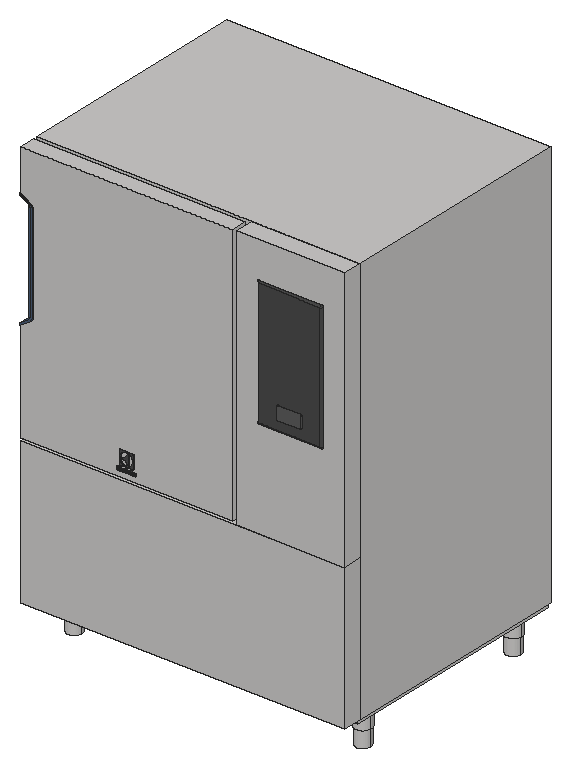
Revit family "QF_ELECTROLUXPROFESSIONAL_727908_EBFA12HE", category Specialty Equipment, Revit 2018 (continued)
Automatic sketch dimensions
  Split face 282 sketch curve to Extrusion 4 = 140.047 mm
  Split face 282 sketch curve to Extrusion 4 = 30.031 mm
  Split face 282 sketch curve to Extrusion 4 = 193.978 mm
  Split face 282 sketch curve to Split face 282 sketch curve = 4.974 mm
  Split face 283 sketch curve to Extrusion 4 = 140.047 mm
  Split face 283 sketch curve to Extrusion 4 = 30.031 mm
  Split face 283 sketch curve to Extrusion 4 = 184.478 mm
  Split face 283 sketch curve to Split face 283 sketch curve = 4.974 mm
  Split face 284 sketch curve to Extrusion 4 = 140.047 mm
  Split face 284 sketch curve to Extrusion 4 = 30.031 mm
  Split face 284 sketch curve to Extrusion 4 = 174.978 mm
  Split face 284 sketch curve to Split face 284 sketch curve = 4.974 mm
  Split face 285 sketch curve to Extrusion 4 = 140.047 mm
  Split face 285 sketch curve to Extrusion 4 = 30.031 mm
  Split face 285 sketch curve to Extrusion 4 = 165.478 mm
  Split face 285 sketch curve to Split face 285 sketch curve = 4.974 mm
  Split face 286 sketch curve to Extrusion 4 = 140.047 mm
  Split face 286 sketch curve to Extrusion 4 = 30.031 mm
  Split face 286 sketch curve to Extrusion 4 = 155.978 mm
  Split face 286 sketch curve to Split face 286 sketch curve = 4.974 mm
  Split face 287 sketch curve to Extrusion 4 = 140.047 mm
  Split face 287 sketch curve to Extrusion 4 = 30.031 mm
  Split face 287 sketch curve to Extrusion 4 = 146.478 mm
  Split face 287 sketch curve to Split face 287 sketch curve = 4.974 mm
  Split face 288 sketch curve to Extrusion 4 = 33.499 mm
  Split face 288 sketch curve to Extrusion 4 = 620.012 mm
  Split face 288 sketch curve to Extrusion 4 = 28.525 mm
  Split face 288 sketch curve to Split face 288 sketch curve = 110.016 mm
  Split face 289 sketch curve to Extrusion 4 = 42.999 mm
  Split face 289 sketch curve to Extrusion 4 = 620.012 mm
  Split face 289 sketch curve to Extrusion 4 = 38.025 mm
  Split face 289 sketch curve to Split face 289 sketch curve = 110.016 mm
  Split face 290 sketch curve to Extrusion 4 = 52.499 mm
  Split face 290 sketch curve to Extrusion 4 = 620.012 mm
  Split face 290 sketch curve to Extrusion 4 = 47.525 mm
  Split face 290 sketch curve to Split face 290 sketch curve = 110.016 mm
  Split face 291 sketch curve to Extrusion 4 = 61.999 mm
  Split face 291 sketch curve to Extrusion 4 = 620.012 mm
  Split face 291 sketch curve to Split face 291 sketch curve = 110.016 mm
  Split face 291 sketch curve to Split face 291 sketch curve = 4.974 mm
  Split face 292 sketch curve to Extrusion 4 = 71.499 mm
  Split face 292 sketch curve to Extrusion 4 = 620.012 mm
  Split face 292 sketch curve to Split face 292 sketch curve = 110.016 mm
  Split face 292 sketch curve to Split face 292 sketch curve = 4.974 mm
  Split face 293 sketch curve to Extrusion 4 = 80.999 mm
  Split face 293 sketch curve to Extrusion 4 = 620.012 mm
  Split face 293 sketch curve to Split face 293 sketch curve = 110.016 mm
  Split face 293 sketch curve to Split face 293 sketch curve = 4.974 mm
  Split face 294 sketch curve to Extrusion 4 = 90.499 mm
  Split face 294 sketch curve to Extrusion 4 = 620.012 mm
  Split face 294 sketch curve to Split face 294 sketch curve = 110.016 mm
  Split face 294 sketch curve to Split face 294 sketch curve = 4.974 mm
  Split face 295 sketch curve to Extrusion 4 = 99.999 mm
  Split face 295 sketch curve to Extrusion 4 = 620.012 mm
  Split face 295 sketch curve to Split face 295 sketch curve = 110.016 mm
  Split face 295 sketch curve to Split face 295 sketch curve = 4.974 mm
  Split face 296 sketch curve to Extrusion 4 = 109.499 mm
  Split face 296 sketch curve to Extrusion 4 = 620.012 mm
  Split face 296 sketch curve to Split face 296 sketch curve = 110.016 mm
  Split face 296 sketch curve to Split face 296 sketch curve = 4.974 mm
  Split face 297 sketch curve to Extrusion 4 = 119 mm
  Split face 297 sketch curve to Extrusion 4 = 620.012 mm
  Split face 297 sketch curve to Split face 297 sketch curve = 110.016 mm
  Split face 297 sketch curve to Split face 297 sketch curve = 4.974 mm
  Split face 298 sketch curve to Extrusion 4 = 128.5 mm
  Split face 298 sketch curve to Extrusion 4 = 620.012 mm
  Split face 298 sketch curve to Split face 298 sketch curve = 110.016 mm
  Split face 298 sketch curve to Split face 298 sketch curve = 4.974 mm
  Split face 299 sketch curve to Extrusion 4 = 138 mm
  Split face 299 sketch curve to Extrusion 4 = 620.012 mm
  Split face 299 sketch curve to Split face 299 sketch curve = 110.016 mm
  Split face 299 sketch curve to Split face 299 sketch curve = 4.974 mm
  Split face 300 sketch curve to Extrusion 4 = 147.5 mm
  Split face 300 sketch curve to Extrusion 4 = 620.012 mm
  Split face 300 sketch curve to Split face 300 sketch curve = 110.016 mm
  Split face 300 sketch curve to Split face 300 sketch curve = 4.974 mm
  Split face 301 sketch curve to Extrusion 4 = 157 mm
  Split face 301 sketch curve to Extrusion 4 = 620.012 mm
  Split face 301 sketch curve to Split face 301 sketch curve = 110.016 mm
  Split face 301 sketch curve to Split face 301 sketch curve = 4.974 mm
  Split face 302 sketch curve to Extrusion 4 = 166.5 mm
  Split face 302 sketch curve to Extrusion 4 = 620.012 mm
  Split face 302 sketch curve to Split face 302 sketch curve = 110.016 mm
  Split face 302 sketch curve to Split face 302 sketch curve = 4.974 mm
  Split face 303 sketch curve to Extrusion 4 = 176 mm
  Split face 303 sketch curve to Extrusion 4 = 620.012 mm
  Split face 303 sketch curve to Split face 303 sketch curve = 110.016 mm
  Split face 303 sketch curve to Split face 303 sketch curve = 4.974 mm
  Split face 304 sketch curve to Extrusion 4 = 185.5 mm
  Split face 304 sketch curve to Extrusion 4 = 620.012 mm
  Split face 304 sketch curve to Split face 304 sketch curve = 110.016 mm
  Split face 304 sketch curve to Split face 304 sketch curve = 4.974 mm
  Split face 305 sketch curve to Extrusion 4 = 195 mm
  Split face 305 sketch curve to Extrusion 4 = 620.012 mm
  Split face 305 sketch curve to Split face 305 sketch curve = 110.016 mm
  Split face 305 sketch curve to Split face 305 sketch curve = 4.974 mm
  Split face 306 sketch curve to Extrusion 4 = 204.5 mm
  Split face 306 sketch curve to Extrusion 4 = 620.012 mm
  Split face 306 sketch curve to Split face 306 sketch curve = 110.016 mm
  Split face 306 sketch curve to Split face 306 sketch curve = 4.974 mm
  Split face 307 sketch curve to Extrusion 4 = 214 mm
  Split face 307 sketch curve to Extrusion 4 = 620.012 mm
  Split face 307 sketch curve to Split face 307 sketch curve = 110.016 mm
  Split face 307 sketch curve to Split face 307 sketch curve = 4.974 mm
  Split face 308 sketch curve to Extrusion 4 = 223.5 mm
  Split face 308 sketch curve to Extrusion 4 = 620.012 mm
  Split face 308 sketch curve to Split face 308 sketch curve = 110.016 mm
  Split face 308 sketch curve to Split face 308 sketch curve = 4.974 mm
  Split face 309 sketch curve to Extrusion 4 = 233.001 mm
  Split face 309 sketch curve to Extrusion 4 = 620.012 mm
  Split face 309 sketch curve to Split face 309 sketch curve = 110.016 mm
  Split face 309 sketch curve to Split face 309 sketch curve = 4.974 mm
  Split face 310 sketch curve to Extrusion 4 = 242.501 mm
  Split face 310 sketch curve to Extrusion 4 = 620.012 mm
  Split face 310 sketch curve to Split face 310 sketch curve = 110.016 mm
  Split face 310 sketch curve to Split face 310 sketch curve = 4.974 mm
  Split face 311 sketch curve to Extrusion 4 = 252.001 mm
  Split face 311 sketch curve to Extrusion 4 = 620.012 mm
  Split face 311 sketch curve to Split face 311 sketch curve = 110.016 mm
  Split face 311 sketch curve to Split face 311 sketch curve = 4.974 mm
  Split face 312 sketch curve to Extrusion 4 = 261.501 mm
  Split face 312 sketch curve to Extrusion 4 = 620.012 mm
  Split face 312 sketch curve to Split face 312 sketch curve = 110.016 mm
  Split face 312 sketch curve to Split face 312 sketch curve = 4.974 mm
  Split face 313 sketch curve to Extrusion 4 = 271.001 mm
  Split face 313 sketch curve to Extrusion 4 = 620.012 mm
  Split face 313 sketch curve to Split face 313 sketch curve = 110.016 mm
  Split face 313 sketch curve to Split face 313 sketch curve = 4.974 mm
  Split face 314 sketch curve to Extrusion 4 = 279.479 mm
  Split face 314 sketch curve to Extrusion 4 = 620.012 mm
  Split face 314 sketch curve to Split face 314 sketch curve = 110.016 mm
  Split face 314 sketch curve to Split face 314 sketch curve = 4.974 mm
  Split face 315 sketch curve to Extrusion 4 = 269.979 mm
  Split face 315 sketch curve to Extrusion 4 = 620.012 mm
  Split face 315 sketch curve to Split face 315 sketch curve = 110.016 mm
  Split face 315 sketch curve to Split face 315 sketch curve = 4.974 mm
  Split face 316 sketch curve to Extrusion 4 = 260.479 mm
  Split face 316 sketch curve to Extrusion 4 = 620.012 mm
  Split face 316 sketch curve to Split face 316 sketch curve = 110.016 mm
  Split face 316 sketch curve to Split face 316 sketch curve = 4.974 mm
  Split face 317 sketch curve to Extrusion 4 = 250.978 mm
  Split face 317 sketch curve to Extrusion 4 = 620.012 mm
  Split face 317 sketch curve to Split face 317 sketch curve = 110.016 mm
  Split face 317 sketch curve to Split face 317 sketch curve = 4.974 mm
  Split face 318 sketch curve to Extrusion 4 = 241.478 mm
  Split face 318 sketch curve to Extrusion 4 = 620.012 mm
  Split face 318 sketch curve to Split face 318 sketch curve = 110.016 mm
  Split face 318 sketch curve to Split face 318 sketch curve = 4.974 mm
  Split face 319 sketch curve to Extrusion 4 = 231.978 mm
  Split face 319 sketch curve to Extrusion 4 = 620.012 mm
  Split face 319 sketch curve to Split face 319 sketch curve = 110.016 mm
  Split face 319 sketch curve to Split face 319 sketch curve = 4.974 mm
  Split face 320 sketch curve to Extrusion 4 = 222.478 mm
  Split face 320 sketch curve to Extrusion 4 = 620.012 mm
  Split face 320 sketch curve to Split face 320 sketch curve = 110.016 mm
  Split face 320 sketch curve to Split face 320 sketch curve = 4.974 mm
  Split face 321 sketch curve to Extrusion 4 = 212.978 mm
  Split face 321 sketch curve to Extrusion 4 = 620.012 mm
  Split face 321 sketch curve to Split face 321 sketch curve = 110.016 mm
  Split face 321 sketch curve to Split face 321 sketch curve = 4.974 mm
  Split face 322 sketch curve to Extrusion 4 = 203.478 mm
  Split face 322 sketch curve to Extrusion 4 = 620.012 mm
  Split face 322 sketch curve to Split face 322 sketch curve = 110.016 mm
  Split face 322 sketch curve to Split face 322 sketch curve = 4.974 mm
  Split face 323 sketch curve to Extrusion 4 = 193.978 mm
  Split face 323 sketch curve to Extrusion 4 = 620.012 mm
  Split face 323 sketch curve to Split face 323 sketch curve = 110.016 mm
  Split face 323 sketch curve to Split face 323 sketch curve = 4.974 mm
  Split face 324 sketch curve to Extrusion 4 = 184.478 mm
  Split face 324 sketch curve to Extrusion 4 = 620.012 mm
  Split face 324 sketch curve to Split face 324 sketch curve = 110.016 mm
  Split face 324 sketch curve to Split face 324 sketch curve = 4.974 mm
  Split face 325 sketch curve to Extrusion 4 = 174.978 mm
  Split face 325 sketch curve to Extrusion 4 = 620.012 mm
  Split face 325 sketch curve to Split face 325 sketch curve = 110.016 mm
  Split face 325 sketch curve to Split face 325 sketch curve = 4.974 mm
  Split face 326 sketch curve to Extrusion 4 = 165.478 mm
  Split face 326 sketch curve to Extrusion 4 = 620.012 mm
  Split face 326 sketch curve to Split face 326 sketch curve = 110.016 mm
  Split face 326 sketch curve to Split face 326 sketch curve = 4.974 mm
  Split face 327 sketch curve to Extrusion 4 = 155.978 mm
  Split face 327 sketch curve to Extrusion 4 = 620.012 mm
  Split face 327 sketch curve to Split face 327 sketch curve = 110.016 mm
  Split face 327 sketch curve to Split face 327 sketch curve = 4.974 mm
  Split face 328 sketch curve to Extrusion 4 = 146.478 mm
  Split face 328 sketch curve to Extrusion 4 = 620.012 mm
  Split face 328 sketch curve to Split face 328 sketch curve = 110.016 mm
  Split face 328 sketch curve to Split face 328 sketch curve = 4.974 mm
  Split face 329 sketch curve to Extrusion 4 = 33.499 mm
  Split face 329 sketch curve to Extrusion 4 = 500.021 mm
  Split face 329 sketch curve to Extrusion 4 = 28.525 mm
  Split face 329 sketch curve to Split face 329 sketch curve = 110.016 mm
  Split face 330 sketch curve to Extrusion 4 = 42.999 mm
  Split face 330 sketch curve to Extrusion 4 = 500.021 mm
  Split face 330 sketch curve to Extrusion 4 = 38.025 mm
  Split face 330 sketch curve to Split face 330 sketch curve = 110.016 mm
  Split face 331 sketch curve to Extrusion 4 = 52.499 mm
  Split face 331 sketch curve to Extrusion 4 = 500.021 mm
  Split face 331 sketch curve to Extrusion 4 = 47.525 mm
  Split face 331 sketch curve to Split face 331 sketch curve = 110.016 mm
  Split face 332 sketch curve to Extrusion 4 = 61.999 mm
  Split face 332 sketch curve to Extrusion 4 = 500.021 mm
  Split face 332 sketch curve to Split face 332 sketch curve = 110.016 mm
  Split face 332 sketch curve to Split face 332 sketch curve = 4.974 mm
  Split face 333 sketch curve to Extrusion 4 = 71.499 mm
  Split face 333 sketch curve to Extrusion 4 = 500.021 mm
  Split face 333 sketch curve to Split face 333 sketch curve = 110.016 mm
  Split face 333 sketch curve to Split face 333 sketch curve = 4.974 mm
  Split face 334 sketch curve to Extrusion 4 = 80.999 mm
  Split face 334 sketch curve to Extrusion 4 = 500.021 mm
  Split face 334 sketch curve to Split face 334 sketch curve = 110.016 mm
  Split face 334 sketch curve to Split face 334 sketch curve = 4.974 mm
  Split face 335 sketch curve to Extrusion 4 = 90.499 mm
  Split face 335 sketch curve to Extrusion 4 = 500.021 mm
  Split face 335 sketch curve to Split face 335 sketch curve = 110.016 mm
  Split face 335 sketch curve to Split face 335 sketch curve = 4.974 mm
  Split face 336 sketch curve to Extrusion 4 = 99.999 mm
  Split face 336 sketch curve to Extrusion 4 = 500.021 mm
  Split face 336 sketch curve to Split face 336 sketch curve = 110.016 mm
  Split face 336 sketch curve to Split face 336 sketch curve = 4.974 mm
  Split face 337 sketch curve to Extrusion 4 = 109.499 mm
  Split face 337 sketch curve to Extrusion 4 = 500.021 mm
  Split face 337 sketch curve to Split face 337 sketch curve = 110.016 mm
  Split face 337 sketch curve to Split face 337 sketch curve = 4.974 mm
  Split face 338 sketch curve to Extrusion 4 = 119 mm
  Split face 338 sketch curve to Extrusion 4 = 500.021 mm
  Split face 338 sketch curve to Split face 338 sketch curve = 110.016 mm
  Split face 338 sketch curve to Split face 338 sketch curve = 4.974 mm
  Split face 339 sketch curve to Extrusion 4 = 128.5 mm
  Split face 339 sketch curve to Extrusion 4 = 500.021 mm
  Split face 339 sketch curve to Split face 339 sketch curve = 110.016 mm
  Split face 339 sketch curve to Split face 339 sketch curve = 4.974 mm
  Split face 340 sketch curve to Extrusion 4 = 138 mm
  Split face 340 sketch curve to Extrusion 4 = 500.021 mm
  Split face 340 sketch curve to Split face 340 sketch curve = 110.016 mm
  Split face 340 sketch curve to Split face 340 sketch curve = 4.974 mm
  Split face 341 sketch curve to Extrusion 4 = 147.5 mm
  Split face 341 sketch curve to Extrusion 4 = 500.021 mm
  Split face 341 sketch curve to Split face 341 sketch curve = 110.016 mm
  Split face 341 sketch curve to Split face 341 sketch curve = 4.974 mm
  Split face 342 sketch curve to Extrusion 4 = 157 mm
  Split face 342 sketch curve to Extrusion 4 = 500.021 mm
  Split face 342 sketch curve to Split face 342 sketch curve = 110.016 mm
  Split face 342 sketch curve to Split face 342 sketch curve = 4.974 mm
  Split face 343 sketch curve to Extrusion 4 = 166.5 mm
  Split face 343 sketch curve to Extrusion 4 = 500.021 mm
  Split face 343 sketch curve to Split face 343 sketch curve = 110.016 mm
  Split face 343 sketch curve to Split face 343 sketch curve = 4.974 mm
  Split face 344 sketch curve to Extrusion 4 = 176 mm
  Split face 344 sketch curve to Extrusion 4 = 500.021 mm
  Split face 344 sketch curve to Split face 344 sketch curve = 110.016 mm
  Split face 344 sketch curve to Split face 344 sketch curve = 4.974 mm
  Split face 345 sketch curve to Extrusion 4 = 185.5 mm
  Split face 345 sketch curve to Extrusion 4 = 500.021 mm
  Split face 345 sketch curve to Split face 345 sketch curve = 110.016 mm
  Split face 345 sketch curve to Split face 345 sketch curve = 4.974 mm
  Split face 346 sketch curve to Extrusion 4 = 195 mm
  Split face 346 sketch curve to Extrusion 4 = 500.021 mm
  Split face 346 sketch curve to Split face 346 sketch curve = 110.016 mm
  Split face 346 sketch curve to Split face 346 sketch curve = 4.974 mm
  Split face 347 sketch curve to Extrusion 4 = 204.5 mm
  Split face 347 sketch curve to Extrusion 4 = 500.021 mm
  Split face 347 sketch curve to Split face 347 sketch curve = 110.016 mm
  Split face 347 sketch curve to Split face 347 sketch curve = 4.974 mm
  Split face 348 sketch curve to Extrusion 4 = 214 mm
  Split face 348 sketch curve to Extrusion 4 = 500.021 mm
  Split face 348 sketch curve to Split face 348 sketch curve = 110.016 mm
  Split face 348 sketch curve to Split face 348 sketch curve = 4.974 mm
  Split face 349 sketch curve to Extrusion 4 = 223.5 mm
  Split face 349 sketch curve to Extrusion 4 = 500.021 mm
  Split face 349 sketch curve to Split face 349 sketch curve = 110.016 mm
  Split face 349 sketch curve to Split face 349 sketch curve = 4.974 mm
  Split face 350 sketch curve to Extrusion 4 = 233.001 mm
  Split face 350 sketch curve to Extrusion 4 = 500.021 mm
  Split face 350 sketch curve to Split face 350 sketch curve = 110.016 mm
  Split face 350 sketch curve to Split face 350 sketch curve = 4.974 mm
  Split face 351 sketch curve to Extrusion 4 = 242.501 mm
  Split face 351 sketch curve to Extrusion 4 = 500.021 mm
  Split face 351 sketch curve to Split face 351 sketch curve = 110.016 mm
  Split face 351 sketch curve to Split face 351 sketch curve = 4.974 mm
  Split face 352 sketch curve to Extrusion 4 = 500.021 mm
  Split face 352 sketch curve to Split face 352 sketch curve = 110.016 mm
  Split face 352 sketch curve to Extrusion 4 = 252.001 mm
  Split face 352 sketch curve to Split face 352 sketch curve = 4.974 mm
  Split face 353 sketch curve to Extrusion 4 = 500.021 mm
  Split face 353 sketch curve to Split face 353 sketch curve = 110.016 mm
  Split face 353 sketch curve to Extrusion 4 = 261.501 mm
  Split face 353 sketch curve to Split face 353 sketch curve = 4.974 mm
  Split face 354 sketch curve to Extrusion 4 = 500.021 mm
  Split face 354 sketch curve to Split face 354 sketch curve = 110.016 mm
  Split face 354 sketch curve to Extrusion 4 = 271.001 mm
  Split face 354 sketch curve to Split face 354 sketch curve = 4.974 mm
  Split face 355 sketch curve to Extrusion 4 = 500.021 mm
  Split face 355 sketch curve to Split face 355 sketch curve = 110.016 mm
  Split face 355 sketch curve to Extrusion 4 = 279.479 mm
  Split face 355 sketch curve to Split face 355 sketch curve = 4.974 mm
  Split face 356 sketch curve to Extrusion 4 = 500.021 mm
  Split face 356 sketch curve to Split face 356 sketch curve = 110.016 mm
  Split face 356 sketch curve to Extrusion 4 = 269.979 mm
  Split face 356 sketch curve to Split face 356 sketch curve = 4.974 mm
  Split face 357 sketch curve to Extrusion 4 = 500.021 mm
  Split face 357 sketch curve to Split face 357 sketch curve = 110.016 mm
  Split face 357 sketch curve to Extrusion 4 = 260.479 mm
  Split face 357 sketch curve to Split face 357 sketch curve = 4.974 mm
  Split face 358 sketch curve to Extrusion 4 = 500.021 mm
  Split face 358 sketch curve to Split face 358 sketch curve = 110.016 mm
  Split face 358 sketch curve to Extrusion 4 = 250.978 mm
  Split face 358 sketch curve to Split face 358 sketch curve = 4.974 mm
  Split face 359 sketch curve to Extrusion 4 = 241.478 mm
  Split face 359 sketch curve to Extrusion 4 = 500.021 mm
  Split face 359 sketch curve to Split face 359 sketch curve = 110.016 mm
  Split face 359 sketch curve to Split face 359 sketch curve = 4.974 mm
  Split face 360 sketch curve to Extrusion 4 = 231.978 mm
  Split face 360 sketch curve to Extrusion 4 = 500.021 mm
  Split face 360 sketch curve to Split face 360 sketch curve = 110.016 mm
  Split face 360 sketch curve to Split face 360 sketch curve = 4.974 mm
  Split face 361 sketch curve to Extrusion 4 = 222.478 mm
  Split face 361 sketch curve to Extrusion 4 = 500.021 mm
  Split face 361 sketch curve to Split face 361 sketch curve = 110.016 mm
  Split face 361 sketch curve to Split face 361 sketch curve = 4.974 mm
  Split face 362 sketch curve to Extrusion 4 = 212.978 mm
  Split face 362 sketch curve to Extrusion 4 = 500.021 mm
  Split face 362 sketch curve to Split face 362 sketch curve = 110.016 mm
  Split face 362 sketch curve to Split face 362 sketch curve = 4.974 mm
  Split face 363 sketch curve to Extrusion 4 = 203.478 mm
  Split face 363 sketch curve to Extrusion 4 = 500.021 mm
  Split face 363 sketch curve to Split face 363 sketch curve = 110.016 mm
  Split face 363 sketch curve to Split face 363 sketch curve = 4.974 mm
  Split face 364 sketch curve to Extrusion 4 = 193.978 mm
  Split face 364 sketch curve to Extrusion 4 = 500.021 mm
  Split face 364 sketch curve to Split face 364 sketch curve = 110.016 mm
  Split face 364 sketch curve to Split face 364 sketch curve = 4.974 mm
  Split face 365 sketch curve to Extrusion 4 = 184.478 mm
  Split face 365 sketch curve to Extrusion 4 = 500.021 mm
  Split face 365 sketch curve to Split face 365 sketch curve = 110.016 mm
  Split face 365 sketch curve to Split face 365 sketch curve = 4.974 mm
  Split face 366 sketch curve to Extrusion 4 = 174.978 mm
  Split face 366 sketch curve to Extrusion 4 = 500.021 mm
  Split face 366 sketch curve to Split face 366 sketch curve = 110.016 mm
  Split face 366 sketch curve to Split face 366 sketch curve = 4.974 mm
  Split face 367 sketch curve to Extrusion 4 = 165.478 mm
  Split face 367 sketch curve to Extrusion 4 = 500.021 mm
  Split face 367 sketch curve to Split face 367 sketch curve = 110.016 mm
  Split face 367 sketch curve to Split face 367 sketch curve = 4.974 mm
  Split face 368 sketch curve to Extrusion 4 = 155.978 mm
  Split face 368 sketch curve to Extrusion 4 = 500.021 mm
  Split face 368 sketch curve to Split face 368 sketch curve = 110.016 mm
  Split face 368 sketch curve to Split face 368 sketch curve = 4.974 mm
  Split face 369 sketch curve to Extrusion 4 = 146.478 mm
  Split face 369 sketch curve to Extrusion 4 = 500.021 mm
  Split face 369 sketch curve to Split face 369 sketch curve = 110.016 mm
  Split face 369 sketch curve to Split face 369 sketch curve = 4.974 mm
  Split face 370 sketch curve to Extrusion 4 = 33.499 mm
  Split face 370 sketch curve to Extrusion 4 = 509.996 mm
  Split face 370 sketch curve to Extrusion 4 = 28.525 mm
  Split face 370 sketch curve to Split face 370 sketch curve = 110.016 mm
  Split face 371 sketch curve to Extrusion 4 = 42.999 mm
  Split face 371 sketch curve to Extrusion 4 = 509.996 mm
  Split face 371 sketch curve to Extrusion 4 = 38.025 mm
  Split face 371 sketch curve to Split face 371 sketch curve = 110.016 mm
  Split face 372 sketch curve to Extrusion 4 = 52.499 mm
  Split face 372 sketch curve to Extrusion 4 = 509.996 mm
  Split face 372 sketch curve to Extrusion 4 = 47.525 mm
  Split face 372 sketch curve to Split face 372 sketch curve = 110.016 mm
  Split face 373 sketch curve to Extrusion 4 = 61.999 mm
  Split face 373 sketch curve to Extrusion 4 = 509.996 mm
  Split face 373 sketch curve to Split face 373 sketch curve = 110.016 mm
  Split face 373 sketch curve to Split face 373 sketch curve = 4.974 mm
  Split face 374 sketch curve to Extrusion 4 = 71.499 mm
  Split face 374 sketch curve to Extrusion 4 = 509.996 mm
  Split face 374 sketch curve to Split face 374 sketch curve = 110.016 mm
  Split face 374 sketch curve to Split face 374 sketch curve = 4.974 mm
  Split face 375 sketch curve to Extrusion 4 = 80.999 mm
  Split face 375 sketch curve to Extrusion 4 = 509.996 mm
  Split face 375 sketch curve to Split face 375 sketch curve = 110.016 mm
  Split face 375 sketch curve to Split face 375 sketch curve = 4.974 mm
  Split face 376 sketch curve to Extrusion 4 = 90.499 mm
  Split face 376 sketch curve to Extrusion 4 = 509.996 mm
  Split face 376 sketch curve to Split face 376 sketch curve = 110.016 mm
  Split face 376 sketch curve to Split face 376 sketch curve = 4.974 mm
  Split face 377 sketch curve to Extrusion 4 = 99.999 mm
  Split face 377 sketch curve to Extrusion 4 = 509.996 mm
  Split face 377 sketch curve to Split face 377 sketch curve = 110.016 mm
  Split face 377 sketch curve to Split face 377 sketch curve = 4.974 mm
  Split face 378 sketch curve to Extrusion 4 = 109.499 mm
  Split face 378 sketch curve to Extrusion 4 = 509.996 mm
  Split face 378 sketch curve to Split face 378 sketch curve = 110.016 mm
  Split face 378 sketch curve to Split face 378 sketch curve = 4.974 mm
  Split face 379 sketch curve to Extrusion 4 = 119 mm
  Split face 379 sketch curve to Extrusion 4 = 509.996 mm
  Split face 379 sketch curve to Split face 379 sketch curve = 110.016 mm
  Split face 379 sketch curve to Split face 379 sketch curve = 4.974 mm
  Split face 380 sketch curve to Extrusion 4 = 128.5 mm
  Split face 380 sketch curve to Extrusion 4 = 509.996 mm
  Split face 380 sketch curve to Split face 380 sketch curve = 110.016 mm
  Split face 380 sketch curve to Split face 380 sketch curve = 4.974 mm
  Split face 381 sketch curve to Extrusion 4 = 138 mm
  Split face 381 sketch curve to Extrusion 4 = 509.996 mm
  Split face 381 sketch curve to Split face 381 sketch curve = 110.016 mm
  Split face 381 sketch curve to Split face 381 sketch curve = 4.974 mm
  Split face 382 sketch curve to Extrusion 4 = 147.5 mm
  Split face 382 sketch curve to Extrusion 4 = 509.996 mm
  Split face 382 sketch curve to Split face 382 sketch curve = 110.016 mm
  Split face 382 sketch curve to Split face 382 sketch curve = 4.974 mm
  Split face 383 sketch curve to Extrusion 4 = 157 mm
  Split face 383 sketch curve to Extrusion 4 = 509.996 mm
  Split face 383 sketch curve to Split face 383 sketch curve = 110.016 mm
  Split face 383 sketch curve to Split face 383 sketch curve = 4.974 mm
  Split face 384 sketch curve to Extrusion 4 = 166.5 mm
  Split face 384 sketch curve to Extrusion 4 = 509.996 mm
  Split face 384 sketch curve to Split face 384 sketch curve = 110.016 mm
  Split face 384 sketch curve to Split face 384 sketch curve = 4.974 mm
  Split face 385 sketch curve to Extrusion 4 = 176 mm
  Split face 385 sketch curve to Extrusion 4 = 509.996 mm
  Split face 385 sketch curve to Split face 385 sketch curve = 110.016 mm
  Split face 385 sketch curve to Split face 385 sketch curve = 4.974 mm
  Split face 386 sketch curve to Extrusion 4 = 185.5 mm
  Split face 386 sketch curve to Extrusion 4 = 509.996 mm
  Split face 386 sketch curve to Split face 386 sketch curve = 110.016 mm
  Split face 386 sketch curve to Split face 386 sketch curve = 4.974 mm
  Split face 387 sketch curve to Extrusion 4 = 195 mm
  Split face 387 sketch curve to Extrusion 4 = 509.996 mm
  Split face 387 sketch curve to Split face 387 sketch curve = 110.016 mm
  Split face 387 sketch curve to Split face 387 sketch curve = 4.974 mm
  Split face 388 sketch curve to Extrusion 4 = 204.5 mm
  Split face 388 sketch curve to Extrusion 4 = 509.996 mm
  Split face 388 sketch curve to Split face 388 sketch curve = 110.016 mm
  Split face 388 sketch curve to Split face 388 sketch curve = 4.974 mm
  Split face 389 sketch curve to Extrusion 4 = 214 mm
  Split face 389 sketch curve to Extrusion 4 = 509.996 mm
  Split face 389 sketch curve to Split face 389 sketch curve = 110.016 mm
  Split face 389 sketch curve to Split face 389 sketch curve = 4.974 mm
  Split face 390 sketch curve to Extrusion 4 = 223.5 mm
  Split face 390 sketch curve to Extrusion 4 = 509.996 mm
  Split face 390 sketch curve to Split face 390 sketch curve = 110.016 mm
  Split face 390 sketch curve to Split face 390 sketch curve = 4.974 mm
  Split face 391 sketch curve to Extrusion 4 = 233.001 mm
  Split face 391 sketch curve to Extrusion 4 = 509.996 mm
  Split face 391 sketch curve to Split face 391 sketch curve = 110.016 mm
  Split face 391 sketch curve to Split face 391 sketch curve = 4.974 mm
  Split face 392 sketch curve to Extrusion 4 = 242.501 mm
  Split face 392 sketch curve to Extrusion 4 = 509.996 mm
  Split face 392 sketch curve to Split face 392 sketch curve = 110.016 mm
  Split face 392 sketch curve to Split face 392 sketch curve = 4.974 mm
  Split face 393 sketch curve to Extrusion 4 = 252.001 mm
  Split face 393 sketch curve to Extrusion 4 = 509.996 mm
  Split face 393 sketch curve to Split face 393 sketch curve = 110.016 mm
  Split face 393 sketch curve to Split face 393 sketch curve = 4.974 mm
  Split face 394 sketch curve to Extrusion 4 = 509.996 mm
  Split face 394 sketch curve to Split face 394 sketch curve = 110.016 mm
  Split face 394 sketch curve to Extrusion 4 = 261.501 mm
  Split face 394 sketch curve to Split face 394 sketch curve = 4.974 mm
  Split face 395 sketch curve to Extrusion 4 = 509.996 mm
  Split face 395 sketch curve to Split face 395 sketch curve = 110.016 mm
  Split face 395 sketch curve to Extrusion 4 = 271.001 mm
  Split face 395 sketch curve to Split face 395 sketch curve = 4.974 mm
  Split face 396 sketch curve to Extrusion 4 = 509.996 mm
  Split face 396 sketch curve to Split face 396 sketch curve = 110.016 mm
  Split face 396 sketch curve to Extrusion 4 = 279.479 mm
  Split face 396 sketch curve to Split face 396 sketch curve = 4.974 mm
  Split face 397 sketch curve to Extrusion 4 = 509.996 mm
  Split face 397 sketch curve to Split face 397 sketch curve = 110.016 mm
  Split face 397 sketch curve to Extrusion 4 = 269.979 mm
  Split face 397 sketch curve to Split face 397 sketch curve = 4.974 mm
  Split face 398 sketch curve to Extrusion 4 = 509.996 mm
  Split face 398 sketch curve to Split face 398 sketch curve = 110.016 mm
  Split face 398 sketch curve to Extrusion 4 = 260.479 mm
  Split face 398 sketch curve to Split face 398 sketch curve = 4.974 mm
  Split face 399 sketch curve to Extrusion 4 = 250.978 mm
  Split face 399 sketch curve to Extrusion 4 = 509.996 mm
  Split face 399 sketch curve to Split face 399 sketch curve = 110.016 mm
  Split face 399 sketch curve to Split face 399 sketch curve = 4.974 mm
  Split face 400 sketch curve to Extrusion 4 = 241.478 mm
  Split face 400 sketch curve to Extrusion 4 = 509.996 mm
  Split face 400 sketch curve to Split face 400 sketch curve = 110.016 mm
  Split face 400 sketch curve to Split face 400 sketch curve = 4.974 mm
  Split face 401 sketch curve to Extrusion 4 = 231.978 mm
  Split face 401 sketch curve to Extrusion 4 = 509.996 mm
  Split face 401 sketch curve to Split face 401 sketch curve = 110.016 mm
  Split face 401 sketch curve to Split face 401 sketch curve = 4.974 mm
  Split face 402 sketch curve to Extrusion 4 = 222.478 mm
  Split face 402 sketch curve to Extrusion 4 = 509.996 mm
  Split face 402 sketch curve to Split face 402 sketch curve = 110.016 mm
  Split face 402 sketch curve to Split face 402 sketch curve = 4.974 mm
  Split face 403 sketch curve to Extrusion 4 = 212.978 mm
  Split face 403 sketch curve to Extrusion 4 = 509.996 mm
  Split face 403 sketch curve to Split face 403 sketch curve = 110.016 mm
  Split face 403 sketch curve to Split face 403 sketch curve = 4.974 mm
  Split face 404 sketch curve to Extrusion 4 = 203.478 mm
  Split face 404 sketch curve to Extrusion 4 = 509.996 mm
  Split face 404 sketch curve to Split face 404 sketch curve = 110.016 mm
  Split face 404 sketch curve to Split face 404 sketch curve = 4.974 mm
  Split face 405 sketch curve to Extrusion 4 = 193.978 mm
  Split face 405 sketch curve to Extrusion 4 = 509.996 mm
  Split face 405 sketch curve to Split face 405 sketch curve = 110.016 mm
  Split face 405 sketch curve to Split face 405 sketch curve = 4.974 mm
  Split face 406 sketch curve to Extrusion 4 = 184.478 mm
  Split face 406 sketch curve to Extrusion 4 = 509.996 mm
  Split face 406 sketch curve to Split face 406 sketch curve = 110.016 mm
  Split face 406 sketch curve to Split face 406 sketch curve = 4.974 mm
  Split face 407 sketch curve to Extrusion 4 = 174.978 mm
  Split face 407 sketch curve to Extrusion 4 = 509.996 mm
  Split face 407 sketch curve to Split face 407 sketch curve = 110.016 mm
  Split face 407 sketch curve to Split face 407 sketch curve = 4.974 mm
  Split face 408 sketch curve to Extrusion 4 = 165.478 mm
  Split face 408 sketch curve to Extrusion 4 = 509.996 mm
  Split face 408 sketch curve to Split face 408 sketch curve = 110.016 mm
  Split face 408 sketch curve to Split face 408 sketch curve = 4.974 mm
  Split face 409 sketch curve to Extrusion 4 = 155.978 mm
  Split face 409 sketch curve to Extrusion 4 = 509.996 mm
  Split face 409 sketch curve to Split face 409 sketch curve = 110.016 mm
  Split face 409 sketch curve to Split face 409 sketch curve = 4.974 mm
  Split face 410 sketch curve to Extrusion 4 = 146.478 mm
  Split face 410 sketch curve to Extrusion 4 = 509.996 mm
  Split face 410 sketch curve to Split face 410 sketch curve = 110.016 mm
  Split face 410 sketch curve to Split face 410 sketch curve = 4.974 mm
  Extrusion 10 sketch curve to plane 7 "TOP" = 0 mm
  Extrusion 10 sketch curve to plane 12 "LEFT" = 0 mm  (x2)
  plane 12 "LEFT" to Extrusion 10 sketch curve = 24.74 mm
  plane 12 "LEFT" to Extrusion 10 sketch curve = 25.74 mm
  Extrusion 10 sketch curve to Extrusion 10 sketch curve = 11.05 mm
  Extrusion 10 sketch curve to Extrusion 10 sketch curve = 10.513 mm
  Extrusion 10 sketch curve to Extrusion 10 sketch curve = 8.487 mm
  plane 3 "Center Y" to Extrusion 10 sketch curve = 193.2 mm
  Extrusion 10 sketch curve to Extrusion 10 sketch curve = 162.03 mm
  Extrusion 10 sketch curve to Extrusion 10 sketch curve = 24.082 mm
  Extrusion 10 sketch curve to Extrusion 10 sketch curve = 374.913 mm
  Extrusion 10 sketch curve to Extrusion 10 sketch curve = 23.723 mm
  plane 6 to Extrusion 10 sketch curve = 589.524 mm
  Extrusion 11 sketch curve to plane 5 "FRONT" = 0 mm
  Extrusion 11 sketch curve to plane 12 "LEFT" = 0 mm
  plane 3 "Center Y" to Extrusion 11 sketch curve = 140.2 mm
  Extrusion 11 sketch curve to Extrusion 11 sketch curve = 29.597 mm
  plane 5 "FRONT" to Extrusion 11 sketch curve = 17.949 mm
  Extrusion 12 sketch curve to plane 12 "LEFT" = 0 mm  (x3)
  plane 12 "LEFT" to Extrusion 12 sketch curve = 24.74 mm
  plane 12 "LEFT" to Extrusion 12 sketch curve = 25.74 mm
  Extrusion 12 sketch curve to Extrusion 12 sketch curve = 11.05 mm
  Extrusion 12 sketch curve to Extrusion 12 sketch curve = 10.513 mm
  Extrusion 12 sketch curve to Extrusion 12 sketch curve = 8.487 mm
  Extrusion 12 sketch curve to plane 7 "TOP" = 593.521 mm
  Extrusion 12 sketch curve to plane 7 "TOP" = 201.938 mm
  Extrusion 12 sketch curve to Extrusion 12 sketch curve = 23.723 mm
  Extrusion 12 sketch curve to Extrusion 12 sketch curve = 0 mm  (x2)
  Extrusion 12 sketch curve to Extrusion 12 sketch curve = 24.082 mm
  Extrusion 13 sketch curve to Extrusion 13 sketch curve = 0 mm  (x4)
  Extrusion 13 sketch curve to plane 12 "LEFT" = 0 mm  (x2)
  Extrusion 13 sketch curve to plane 12 "LEFT" = 2.5 mm  (x2)
  plane 12 "LEFT" to Extrusion 13 sketch curve = 24.74 mm
  plane 12 "LEFT" to Extrusion 13 sketch curve = 25.74 mm
  Extrusion 13 sketch curve to Extrusion 13 sketch curve = 7.459 mm
  Extrusion 13 sketch curve to Extrusion 13 sketch curve = 6.917 mm
  Extrusion 13 sketch curve to Extrusion 13 sketch curve = 3.591 mm
  Extrusion 13 sketch curve to Extrusion 13 sketch curve = 3.597 mm
  Extrusion 13 sketch curve to Extrusion 13 sketch curve = 5.583 mm
  Extrusion 13 sketch curve to Extrusion 13 sketch curve = 6.5 mm
  Extrusion 13 sketch curve to plane 7 "TOP" = 617.244 mm
  Extrusion 13 sketch curve to Extrusion 13 sketch curve = 6.141 mm
  Extrusion 13 sketch curve to Extrusion 13 sketch curve = 17.582 mm
  Extrusion 13 sketch curve to plane 7 "TOP" = 201.938 mm
  Extrusion 13 sketch curve to Extrusion 13 sketch curve = 23.354 mm
  Extrusion 13 sketch curve to Extrusion 13 sketch curve = 6.143 mm
  Extrusion 14 sketch curve to plane 5 "FRONT" = 0 mm
  Extrusion 14 sketch curve to plane 7 "TOP" = 0 mm
  plane 10 to Extrusion 14 sketch curve = 47.24 mm
  Extrusion 14 sketch curve to Extrusion 14 sketch curve = 8.487 mm
  Extrusion 14 sketch curve to Extrusion 14 sketch curve = 8.95 mm
  Extrusion 14 sketch curve to Extrusion 14 sketch curve = 19 mm
  Extrusion 14 sketch curve to Extrusion 14 sketch curve = 11.05 mm
  plane 10 to Extrusion 14 sketch curve = 2.5 mm  (x2)
  Extrusion 14 sketch curve to plane 7 "TOP" = 162.03 mm
  Extrusion 14 sketch curve to Extrusion 14 sketch curve = 24.082 mm
  Extrusion 14 sketch curve to Extrusion 14 sketch curve = 374.913 mm
  Extrusion 14 sketch curve to Extrusion 14 sketch curve = 23.723 mm
  plane 6 to Extrusion 14 sketch curve = 589.524 mm
  plane 10 to Extrusion 15 sketch curve = 47.24 mm
  Extrusion 15 sketch curve to Extrusion 15 sketch curve = 8.487 mm
  Extrusion 15 sketch curve to Extrusion 15 sketch curve = 8.95 mm
  Extrusion 15 sketch curve to Extrusion 15 sketch curve = 10.513 mm
  Extrusion 15 sketch curve to Extrusion 15 sketch curve = 20 mm
  Extrusion 15 sketch curve to plane 7 "TOP" = 593.521 mm
  Extrusion 15 sketch curve to plane 7 "TOP" = 201.938 mm
  plane 10 to Extrusion 15 sketch curve = 2.5 mm  (x2)
  Extrusion 15 sketch curve to Extrusion 15 sketch curve = 0 mm  (x3)
  Extrusion 15 sketch curve to Extrusion 15 sketch curve = 23.723 mm
  Extrusion 15 sketch curve to Extrusion 15 sketch curve = 24.082 mm
  Extrusion 16 sketch curve to Extrusion 16 sketch curve = 0 mm  (x4)
  Extrusion 16 sketch curve to plane 10 = 0 mm  (x2)
  Extrusion 16 sketch curve to Extrusion 16 sketch curve = 2.5 mm  (x2)
  plane 10 to Extrusion 16 sketch curve = 27.24 mm
  plane 10 to Extrusion 16 sketch curve = 28.24 mm
  Extrusion 16 sketch curve to Extrusion 16 sketch curve = 7.459 mm
  Extrusion 16 sketch curve to Extrusion 16 sketch curve = 6.917 mm
  Extrusion 16 sketch curve to Extrusion 16 sketch curve = 3.591 mm
  Extrusion 16 sketch curve to Extrusion 16 sketch curve = 3.597 mm
  Extrusion 16 sketch curve to Extrusion 16 sketch curve = 5.583 mm
  Extrusion 16 sketch curve to Extrusion 16 sketch curve = 6.5 mm
  Extrusion 16 sketch curve to plane 7 "TOP" = 617.244 mm
  Extrusion 16 sketch curve to Extrusion 16 sketch curve = 6.141 mm
  Extrusion 16 sketch curve to Extrusion 16 sketch curve = 17.582 mm
  Extrusion 16 sketch curve to plane 7 "TOP" = 201.938 mm
  Extrusion 16 sketch curve to Extrusion 16 sketch curve = 23.354 mm
  Extrusion 16 sketch curve to Extrusion 16 sketch curve = 6.143 mm
  radius of Extrusion 3 sketch curve = 10.5 mm
  radius of Extrusion 6 sketch curve = 9.5 mm
Nested families
  nested 1: "Foot_Complete" at (-869.5, -118.149, 0), type "Foot_Complete"
    with H 130 mm
  nested 2: "Foot_Complete" at (246.5, -118.149, 0), type "Foot_Complete"
    with H 130 mm
  nested 3: "Foot_Complete" at (246.5, 608.851, 0), type "Foot_Complete"
    with H 130 mm
  nested 4: "Foot_Complete" at (-869.5, 608.851, 0), type "Foot_Complete"
    with H 130 mm
  nested 5: "ELX_Touch" at (105, -292.149, 1341.605) x (-1, 0, 0) z (0, -1, 0), type "ELX_Touch"
  nested 6: "ELX_Logo_S_New" at (-527.4, -292.149, 749.524) x (1, 0, 0) z (0, -1, 0), visible <- "Show Logo", type "ELX_Logo_S_New"
    with M QF_Finishes_Black
  nested 7: "ELX_Logo_Symbol" at (-527.4, -292.149, 789.524) x (-1, 0, 0) z (0, -1, 0), visible <- "Show Logo", type "ELX_Logo_Symbol"
    with M QF_Finishes_Black
Connectors
  electrical at (220.5, 732.851, 593), driven by "Volts"
    settings: on Extrusion 3, index 5, voltage 380 V, apparent load 0 VA, apparent load phase1 0 VA, apparent load phase2 0 VA, apparent load phase3 0 VA, power factor 1, load classification "Altro", number of poles 1, system type 30, power factor state 1, is connector primary yes, connector utility no, sub classification motor no, connector description "Electrical Connection"
  piping at (-366.5, 215.851, 98.32), diameter 19
    settings: on cut or joined group of Extrusion 1, Extrusion 2, Extrusion 3, Extrusion 5, Extrusion 6, Extrusion 7, Extrusion 9, index 6, connector inside diameter 609.6 mm, connector length 0 mm, flow factor 0, pipe flow 0.0 L/s, pressure drop 0.0 Pa, fitting loss kfactor 0, connector angle 0.00°, fixture units 0, engagement length 0 mm, angle of deflection 0.00°, flow configuration 1, flow direction 2, fitting loss method 0, system type 16, joint type 0, gender type 0, connector reference index -1, connector utility 0, adjustable connector no, is connector primary yes, connector description "Drain"
Definition of nested family "Foot_Complete"
  Parameters
    R = 32 mm
    H = 150 mm
  Reference planes
    plane 1 "Centro (Fronte/Retro)": y = 0
    plane 2: z = 0
    plane 3 "Centro (Sinistra/Destra)": x = 0
    plane 4: z = 150
  Forms (mm)
    Revolve 1, solid
      sketch origin (255.05, 0, 608.09) x (0, 0, 1) y (-1, 0, 0)
        loop
          line (-608.09, 255.05) -> (-608.09, 226.55) -> (-544.09, 226.55) -> (-544.09, 223.05) -> (-458.09, 223.05) -> (-458.09, 255.05) -> (-608.09, 255.05)
        axis (-608.09, 255.05) -> (-458.09, 255.05)
      angle from 0 to 360
  Dimensions and locks
    locked: level to Revolve 1 sketch curve at 64
    "R": Revolve 1 sketch curve to plane 3 "Centro (Sinistra/Destra)"
    "H": plane 4 to level
    aligned and locked: level to plane 2
    aligned and locked: plane 4 to Revolve 1 sketch curve
    aligned and locked: Revolve 1 sketch curve to level
    aligned and locked: plane 3 "Centro (Sinistra/Destra)" to Revolve 1 sketch curve
  Automatic sketch dimensions
    Revolve 1 sketch curve to plane 3 "Centro (Sinistra/Destra)" = 0 mm
    plane 3 "Centro (Sinistra/Destra)" to Revolve 1 sketch curve = 28.5 mm
    Revolve 1 sketch curve to Revolve 1 sketch curve = 50 mm
    Revolve 1 sketch curve to Revolve 1 sketch curve = 20 mm
Definition of nested family "ELX_Touch"
  Parameters
    Default Elevation = 1219.2 mm
  Reference planes
    plane 1 "Centro (Fronte/Retro)": y = 0
    plane 2: z = 0
    plane 3 "Centro (Sinistra/Destra)": x = 0
  Forms (mm)
    Extrusion 1, solid
      sketch origin (0, 0, 0) x (1, 0, 0) y (0, 1, 0)
        loop
          line (-1219.2, 1219.2) -> (-1219.2, -1219.2) -> (1219.2, -1219.2) -> (1219.2, 1219.2) -> (-1219.2, 1219.2)
      from 0 to -304.8
    Extrusion 2, solid
      sketch origin (0, 0, 5) x (1, 0, 0) y (0, 1, 0)
        loop
          line (-47, -160) -> (-47, -202)
          arc (-47, -202) -> (-45.536, -205.535) -> (-42, -207) r 5
          line (-42, -207) -> (42, -207)
          arc (42, -207) -> (45.536, -205.535) -> (47, -202) r 5
          line (47, -202) -> (47, -160)
          arc (47, -160) -> (45.536, -156.465) -> (42, -155) r 5
          line (42, -155) -> (-42, -155)
          arc (-42, -155) -> (-45.536, -156.465) -> (-47, -160) r 5
      from 0 to 2
    Blend 3, solid
      base sketch origin (0, 0, 0) x (1, 0, 0) y (0, 1, 0)
        loop
          line (-127, 244) -> (-127, -244)
          arc (-127, -244) -> (-125.536, -247.536) -> (-122, -249) r 5
          line (-122, -249) -> (122, -249)
          arc (122, -249) -> (125.536, -247.536) -> (127, -244) r 5
          line (127, -244) -> (127, 244)
          arc (127, 244) -> (125.536, 247.536) -> (122, 249) r 5
          line (122, 249) -> (-122, 249)
          arc (-122, 249) -> (-125.536, 247.536) -> (-127, 244) r 5
      top sketch origin (0, 0, 0) x (1, 0, 0) y (0, 1, 0)
        loop
          line (-119, -241) -> (119, -241) -> (119, 241) -> (-119, 241) -> (-119, -241)
      from 0 to 5
  Lines and regions (mm)
    Split face 1
      outline origin (0, 0, 5) x (1, 0, 0) y (0, 1, 0)
        loop
          line (-70.506, 46.167) -> (70.506, 46.167) -> (70.506, 214.829) -> (-70.506, 214.829) -> (-70.506, 46.167)
    Split face 2
      outline origin (0, 0, 5) x (1, 0, 0) y (0, 1, 0)
        loop
          line (-47.467, 50.825) -> (47.467, 50.825) -> (47.467, 210.171) -> (-47.467, 210.171) -> (-47.467, 50.825)
    Split face 3
      outline origin (0, 0, 5) x (1, 0, 0) y (0, 1, 0)
        loop
          line (-70.521, -215.33) -> (70.521, -215.33) -> (70.521, -146.67) -> (-70.521, -146.67) -> (-70.521, -215.33)
    Split face 4
      outline origin (0, 0, 5) x (1, 0, 0) y (0, 1, 0)
        loop
          line (-119, 201.163) -> (-70.506, 201.163)
        loop
          line (70.506, 201.163) -> (119, 201.163)
        loop
          line (70.521, -200.849) -> (119, -200.849)
        loop
          line (-119, -200.849) -> (-70.521, -200.849)
  Dimensions and locks
    aligned and locked: plane 2 to Extrusion 1
    aligned and locked: level to Extrusion 1
Definition of nested family "ELX_Logo_S_New"
  Parameters
    Default Elevation = 0 mm
    M [instance] = none
  Reference planes
    plane 1 "Centro (Fronte/Retro)": y = 0
    plane 2: z = 0
    plane 3 "Centro (Sinistra/Destra)": x = 0
  Forms (mm)
    Extrusion 1, solid
      sketch origin (0, 0, 0) x (1, 0, 0) y (0, 1, 0)
        loop
          line (-1219.2, 1219.2) -> (-1219.2, -1219.2) -> (1219.2, -1219.2) -> (1219.2, 1219.2) -> (-1219.2, 1219.2)
      from 0 to -304.8
    Extrusion 2, solid, material <- "M"
      sketch origin (0, 0, 0) x (1, 0, 0) y (0, 1, 0)
        loop
          spline (-32.537, -4.135) -> (-32.702, -4.128) -> (-32.877, -4.105) -> (-33.059, -4.064) -> (-33.242, -4.002) -> (-33.422, -3.916) -> (-33.593, -3.803) -> (-33.751, -3.66) -> (-33.891, -3.486) -> (-34.008, -3.276) -> (-34.098, -3.029) -> (-34.155, -2.741) -> (-34.176, -2.41)
          line (-34.176, -2.41) -> (-34.176, -0.943) -> (-29.331, -0.943) -> (-29.331, 0.928) -> (-34.176, 0.928) -> (-34.176, 3.652) -> (-29.023, 3.652) -> (-29.023, 5.518) -> (-36.159, 5.518) -> (-36.159, -2.326)
          spline (-36.159, -2.326) -> (-36.142, -2.808) -> (-36.088, -3.263) -> (-35.996, -3.688) -> (-35.867, -4.083) -> (-35.698, -4.445) -> (-35.489, -4.773) -> (-35.239, -5.066) -> (-34.946, -5.322) -> (-34.61, -5.539) -> (-34.23, -5.716) -> (-33.804, -5.851) -> (-33.332, -5.943)
          line (-33.332, -5.943) -> (-32.554, -5.999) -> (-28.885, -5.999) -> (-28.885, -4.135) -> (-32.537, -4.135)
        loop
          line (-27.476, 0.076) -> (-27.476, -6.002) -> (-25.492, -6.002) -> (-25.492, 5.521) -> (-27.476, 5.521) -> (-27.476, 0.076)
        loop
          spline (-15.702, -2.321) -> (-15.689, -1.697) -> (-15.749, -1.094) -> (-15.879, -0.516) -> (-16.078, 0.029) -> (-16.341, 0.538) -> (-16.668, 1.004) -> (-17.055, 1.422) -> (-17.5, 1.786) -> (-17.999, 2.091) -> (-18.552, 2.331) -> (-19.154, 2.5) -> (-19.804, 2.594)
          spline (-19.804, 2.594) -> (-20.422, 2.558) -> (-21.009, 2.453) -> (-21.56, 2.28) -> (-22.072, 2.042) -> (-22.54, 1.743) -> (-22.96, 1.385) -> (-23.327, 0.97) -> (-23.638, 0.502) -> (-23.887, -0.018) -> (-24.07, -0.586) -> (-24.183, -1.2) -> (-24.222, -1.857)
          spline (-24.222, -1.857) -> (-24.184, -2.498) -> (-24.074, -3.097) -> (-23.895, -3.652) -> (-23.651, -4.16) -> (-23.344, -4.618) -> (-22.979, -5.023) -> (-22.559, -5.374) -> (-22.087, -5.667) -> (-21.567, -5.899) -> (-21.003, -6.068) -> (-20.397, -6.172) -> (-19.754, -6.207)
          spline (-19.754, -6.207) -> (-19.44, -6.2) -> (-19.13, -6.176) -> (-18.823, -6.135) -> (-18.52, -6.074) -> (-18.221, -5.993) -> (-17.925, -5.89) -> (-17.634, -5.762) -> (-17.346, -5.609) -> (-17.062, -5.43) -> (-16.782, -5.221) -> (-16.506, -4.983) -> (-16.234, -4.713)
          line (-16.234, -4.713) -> (-17.429, -3.55)
          spline (-17.429, -3.55) -> (-17.587, -3.702) -> (-17.745, -3.841) -> (-17.906, -3.967) -> (-18.07, -4.08) -> (-18.239, -4.181) -> (-18.415, -4.268) -> (-18.599, -4.343) -> (-18.792, -4.404) -> (-18.996, -4.452) -> (-19.213, -4.486) -> (-19.443, -4.506) -> (-19.688, -4.513)
          spline (-19.688, -4.513) -> (-20.047, -4.496) -> (-20.383, -4.443) -> (-20.696, -4.358) -> (-20.984, -4.24) -> (-21.246, -4.092) -> (-21.479, -3.915) -> (-21.683, -3.711) -> (-21.856, -3.48) -> (-21.997, -3.224) -> (-22.104, -2.945) -> (-22.176, -2.643) -> (-22.212, -2.321)
          line (-22.212, -2.321) -> (-15.702, -2.321)
        loop
          spline (-17.695, -0.926) -> (-17.714, -0.681) -> (-17.771, -0.445) -> (-17.861, -0.221) -> (-17.984, -0.01) -> (-18.135, 0.184) -> (-18.314, 0.36) -> (-18.516, 0.516) -> (-18.741, 0.648) -> (-18.984, 0.755) -> (-19.244, 0.834) -> (-19.518, 0.883) -> (-19.804, 0.9)
          spline (-19.804, 0.9) -> (-20.11, 0.884) -> (-20.405, 0.835) -> (-20.686, 0.757) -> (-20.95, 0.652) -> (-21.195, 0.521) -> (-21.419, 0.367) -> (-21.618, 0.192) -> (-21.79, -0.003) -> (-21.934, -0.214) -> (-22.045, -0.439) -> (-22.122, -0.678) -> (-22.162, -0.926)
          line (-22.162, -0.926) -> (-17.695, -0.926)
        loop
          spline (-12.669, -1.807) -> (-12.646, -1.438) -> (-12.58, -1.088) -> (-12.472, -0.759) -> (-12.326, -0.455) -> (-12.145, -0.177) -> (-11.93, 0.072) -> (-11.685, 0.289) -> (-11.412, 0.473) -> (-11.114, 0.62) -> (-10.793, 0.728) -> (-10.453, 0.794) -> (-10.095, 0.817)
          spline (-10.095, 0.817) -> (-9.876, 0.81) -> (-9.665, 0.79) -> (-9.464, 0.756) -> (-9.271, 0.709) -> (-9.086, 0.65) -> (-8.908, 0.578) -> (-8.737, 0.495) -> (-8.572, 0.399) -> (-8.414, 0.292) -> (-8.261, 0.173) -> (-8.113, 0.044) -> (-7.969, -0.096)
          line (-7.969, -0.096) -> (-6.741, 1.183)
          spline (-6.741, 1.183) -> (-6.985, 1.427) -> (-7.237, 1.647) -> (-7.496, 1.843) -> (-7.762, 2.015) -> (-8.034, 2.164) -> (-8.312, 2.291) -> (-8.596, 2.397) -> (-8.886, 2.482) -> (-9.181, 2.546) -> (-9.481, 2.592) -> (-9.786, 2.619) -> (-10.095, 2.627)
          spline (-10.095, 2.627) -> (-10.715, 2.589) -> (-11.308, 2.476) -> (-11.871, 2.294) -> (-12.396, 2.046) -> (-12.88, 1.736) -> (-13.316, 1.369) -> (-13.7, 0.949) -> (-14.026, 0.48) -> (-14.289, -0.035) -> (-14.483, -0.59) -> (-14.604, -1.182) -> (-14.645, -1.807)
          spline (-14.645, -1.807) -> (-14.604, -2.431) -> (-14.483, -3.023) -> (-14.289, -3.578) -> (-14.026, -4.093) -> (-13.7, -4.562) -> (-13.316, -4.983) -> (-12.88, -5.35) -> (-12.396, -5.659) -> (-11.871, -5.907) -> (-11.308, -6.09) -> (-10.715, -6.202) -> (-10.095, -6.24)
          spline (-10.095, -6.24) -> (-9.786, -6.232) -> (-9.481, -6.205) -> (-9.181, -6.16) -> (-8.886, -6.095) -> (-8.596, -6.01) -> (-8.312, -5.904) -> (-8.034, -5.777) -> (-7.762, -5.628) -> (-7.496, -5.456) -> (-7.237, -5.26) -> (-6.985, -5.04) -> (-6.741, -4.796)
          line (-6.741, -4.796) -> (-7.969, -3.517)
          spline (-7.969, -3.517) -> (-8.113, -3.657) -> (-8.261, -3.786) -> (-8.414, -3.905) -> (-8.572, -4.012) -> (-8.737, -4.108) -> (-8.908, -4.192) -> (-9.086, -4.263) -> (-9.271, -4.323) -> (-9.464, -4.369) -> (-9.665, -4.403) -> (-9.876, -4.423) -> (-10.095, -4.43)
          spline (-10.095, -4.43) -> (-10.453, -4.408) -> (-10.793, -4.341) -> (-11.114, -4.233) -> (-11.412, -4.086) -> (-11.685, -3.902) -> (-11.93, -3.685) -> (-12.145, -3.436) -> (-12.326, -3.158) -> (-12.472, -2.854) -> (-12.58, -2.526) -> (-12.646, -2.176) -> (-12.669, -1.807)
        loop
          spline (-1.683, -4.138) -> (-1.858, -4.14) -> (-2.045, -4.127) -> (-2.24, -4.095) -> (-2.438, -4.04) -> (-2.633, -3.959) -> (-2.822, -3.85) -> (-2.998, -3.709) -> (-3.157, -3.533) -> (-3.294, -3.318) -> (-3.404, -3.061) -> (-3.483, -2.76) -> (-3.524, -2.411)
          line (-3.524, -2.411) -> (-3.524, 0.529) -> (-1.72, 0.529) -> (-1.72, 2.331) -> (-3.522, 2.331) -> (-3.522, 5.521) -> (-5.506, 5.521) -> (-5.506, -2.523)
          spline (-5.506, -2.523) -> (-5.463, -2.99) -> (-5.386, -3.429) -> (-5.274, -3.839) -> (-5.126, -4.218) -> (-4.941, -4.564) -> (-4.717, -4.877) -> (-4.455, -5.155) -> (-4.153, -5.396) -> (-3.81, -5.599) -> (-3.425, -5.762) -> (-2.998, -5.884) -> (-2.528, -5.964)
          line (-2.528, -5.964) -> (-1.69, -6.002) -> (-1.683, -4.138)
        loop
          spline (4.991, 2.446) -> (4.648, 2.468) -> (4.318, 2.461) -> (4.001, 2.429) -> (3.699, 2.371) -> (3.413, 2.288) -> (3.142, 2.182) -> (2.89, 2.052) -> (2.655, 1.901) -> (2.439, 1.728) -> (2.244, 1.535) -> (2.069, 1.322) -> (1.917, 1.091)
          line (1.917, 1.091) -> (1.917, 2.33) -> (-0.051, 2.33) -> (-0.051, -6.002) -> (1.917, -6.002) -> (1.917, -1.621)
          spline (1.917, -1.621) -> (1.935, -1.288) -> (1.988, -0.979) -> (2.075, -0.693) -> (2.195, -0.432) -> (2.345, -0.197) -> (2.526, 0.01) -> (2.736, 0.189) -> (2.972, 0.338) -> (3.235, 0.456) -> (3.522, 0.541) -> (3.832, 0.594) -> (4.165, 0.611)
          line (4.165, 0.611) -> (4.991, 0.529) -> (4.991, 2.446)
        loop
          spline (14.388, -1.836) -> (14.347, -1.224) -> (14.226, -0.642) -> (14.031, -0.093) -> (13.768, 0.418) -> (13.441, 0.887) -> (13.057, 1.308) -> (12.621, 1.677) -> (12.137, 1.989) -> (11.612, 2.24) -> (11.051, 2.425) -> (10.459, 2.539) -> (9.842, 2.578)
          spline (9.842, 2.578) -> (9.221, 2.539) -> (8.627, 2.425) -> (8.064, 2.24) -> (7.539, 1.989) -> (7.056, 1.677) -> (6.62, 1.308) -> (6.237, 0.887) -> (5.912, 0.418) -> (5.65, -0.093) -> (5.456, -0.642) -> (5.336, -1.224) -> (5.295, -1.836)
          spline (5.295, -1.836) -> (5.336, -2.447) -> (5.456, -3.029) -> (5.65, -3.578) -> (5.912, -4.089) -> (6.237, -4.558) -> (6.62, -4.979) -> (7.056, -5.348) -> (7.539, -5.66) -> (8.064, -5.911) -> (8.627, -6.096) -> (9.221, -6.211) -> (9.842, -6.25)
          spline (9.842, -6.25) -> (10.459, -6.211) -> (11.051, -6.096) -> (11.612, -5.911) -> (12.137, -5.66) -> (12.621, -5.348) -> (13.057, -4.979) -> (13.441, -4.558) -> (13.768, -4.089) -> (14.031, -3.578) -> (14.226, -3.029) -> (14.347, -2.447) -> (14.388, -1.836)
        loop
          spline (12.42, -1.836) -> (12.397, -1.475) -> (12.33, -1.131) -> (12.222, -0.807) -> (12.075, -0.504) -> (11.893, -0.227) -> (11.677, 0.022) -> (11.431, 0.241) -> (11.157, 0.426) -> (10.859, 0.575) -> (10.538, 0.685) -> (10.198, 0.753) -> (9.842, 0.777)
          spline (9.842, 0.777) -> (9.482, 0.753) -> (9.14, 0.685) -> (8.818, 0.575) -> (8.519, 0.426) -> (8.246, 0.241) -> (8.001, 0.022) -> (7.786, -0.227) -> (7.605, -0.504) -> (7.459, -0.807) -> (7.352, -1.131) -> (7.286, -1.475) -> (7.263, -1.836)
          spline (7.263, -1.836) -> (7.286, -2.196) -> (7.352, -2.54) -> (7.459, -2.865) -> (7.605, -3.167) -> (7.786, -3.444) -> (8.001, -3.694) -> (8.246, -3.912) -> (8.519, -4.098) -> (8.818, -4.247) -> (9.14, -4.357) -> (9.482, -4.425) -> (9.842, -4.448)
          spline (9.842, -4.448) -> (10.198, -4.425) -> (10.538, -4.357) -> (10.859, -4.247) -> (11.157, -4.098) -> (11.431, -3.912) -> (11.677, -3.694) -> (11.893, -3.444) -> (12.075, -3.167) -> (12.222, -2.865) -> (12.33, -2.54) -> (12.397, -2.196) -> (12.42, -1.836)
        loop
          line (15.608, 0.275) -> (15.608, -6.002) -> (17.593, -6.002) -> (17.593, 5.521) -> (15.608, 5.521) -> (15.608, 0.275)
        loop
          line (24.747, 2.33) -> (24.747, -2.513)
          spline (24.747, -2.513) -> (24.731, -2.828) -> (24.685, -3.112) -> (24.61, -3.366) -> (24.507, -3.59) -> (24.38, -3.785) -> (24.229, -3.952) -> (24.056, -4.091) -> (23.863, -4.203) -> (23.652, -4.29) -> (23.425, -4.35) -> (23.183, -4.386) -> (22.928, -4.398)
          spline (22.928, -4.398) -> (22.674, -4.386) -> (22.432, -4.35) -> (22.205, -4.29) -> (21.994, -4.204) -> (21.802, -4.092) -> (21.629, -3.954) -> (21.478, -3.788) -> (21.35, -3.595) -> (21.248, -3.373) -> (21.173, -3.122) -> (21.126, -2.841) -> (21.11, -2.53)
          line (21.11, -2.53) -> (21.11, 2.33) -> (19.11, 2.33) -> (19.11, -2.696)
          spline (19.11, -2.696) -> (19.145, -3.265) -> (19.248, -3.783) -> (19.413, -4.25) -> (19.636, -4.667) -> (19.912, -5.033) -> (20.236, -5.349) -> (20.603, -5.616) -> (21.008, -5.833) -> (21.446, -6.001) -> (21.913, -6.121) -> (22.403, -6.193) -> (22.912, -6.217)
          spline (22.912, -6.217) -> (23.425, -6.193) -> (23.92, -6.12) -> (24.39, -5.998) -> (24.832, -5.828) -> (25.241, -5.607) -> (25.611, -5.337) -> (25.937, -5.016) -> (26.216, -4.645) -> (26.441, -4.222) -> (26.608, -3.749) -> (26.711, -3.223) -> (26.747, -2.646)
          line (26.747, -2.646) -> (26.747, 2.33) -> (24.747, 2.33)
        loop
          line (34.253, -3.337) -> (33.002, -1.588) -> (34.551, 0.523) -> (35.878, 2.33) -> (33.713, 2.33) -> (31.91, -0.166) -> (30.092, 2.33) -> (27.943, 2.33) -> (29.175, 0.645) -> (30.82, -1.604) -> (29.096, -4.004) -> (27.662, -6.002) -> (29.794, -6.002) -> (31.91, -3.059) -> (34.027, -6.002) -> (36.159, -6.002) -> (34.253, -3.337)
      from 0 to 1.644
  Dimensions and locks
    aligned and locked: plane 2 to Extrusion 1
    aligned and locked: level to Extrusion 1
Definition of nested family "ELX_Logo_Symbol"
  Parameters
    Default Elevation = 0 mm
    M [instance] = none
  Reference planes
    plane 1 "Centro (Fronte/Retro)": y = 0
    plane 2: z = 0
    plane 3 "Centro (Sinistra/Destra)": x = 0
  Forms (mm)
    Extrusion 1, solid
      sketch origin (0, 0, 0) x (1, 0, 0) y (0, 1, 0)
        loop
          line (-1219.2, 1219.2) -> (-1219.2, -1219.2) -> (1219.2, -1219.2) -> (1219.2, 1219.2) -> (-1219.2, 1219.2)
      from 0 to -304.8
    Extrusion 2, solid, material <- "M"
      sketch origin (94.462, 558.781, 0) x (1, 0, 0) y (0, 1, 0)
        loop
          line (-101.645, -583.129) -> (-101.645, -534.543)
          arc (-101.645, -534.543) -> (-119.606, -558.836) -> (-101.645, -583.129) r 25.41
        loop
          arc (-99.174, -583.129) -> (-78.968, -578.537) -> (-69.233, -560.244) r 24.902
          line (-69.233, -560.244) -> (-77.271, -560.244)
          arc (-77.271, -560.244) -> (-91.631, -566.073) -> (-99.174, -579.611) r 23.341
          line (-99.174, -579.611) -> (-99.174, -583.129)
        loop
          arc (-99.174, -538.061) -> (-91.631, -551.599) -> (-77.271, -557.427) r 23.341
          line (-77.271, -557.427) -> (-69.233, -557.427)
          arc (-69.233, -557.427) -> (-78.952, -538.984) -> (-99.174, -533.918) r 25.553
          line (-99.174, -533.918) -> (-99.174, -538.061)
        loop
          line (-67.388, -585.781) -> (-67.388, -531.781) -> (-121.462, -531.781) -> (-121.462, -585.781) -> (-67.388, -585.781)
      from 0 to 1.644
  Dimensions and locks
    aligned and locked: plane 2 to Extrusion 1
    aligned and locked: level to Extrusion 1
